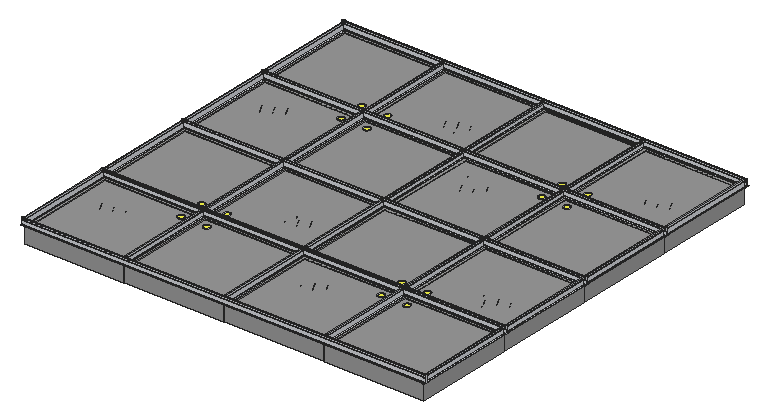
Revit family "GRD-FPG-019_FOLDED PLUG GRID_RFA", category Modelos genéricos, Revit 2022 (continued)
Definition of nested family "GRD-TLE-021_TILE 001_RFA"
  Forms (in)
    Extrusion 241, solid, not visible
      sketch origin (0.02767, 154.90856, 0) x (1, 0, 0) y (0, 0, 1)
        loop
          arc (0.39803, 1.68677) -> (0.41512, 1.67969) -> (0.42221, 1.66259) r 0.02418
        loop
          arc (0.33294, 1.7291) -> (0.34005, 1.71194) -> (0.35722, 1.70483) r 0.02428
          line (0.35722, 1.70483) -> (0.39815, 1.70483)
          arc (0.39815, 1.70483) -> (0.42797, 1.69248) -> (0.44023, 1.66266) r 0.04217
          arc (0.44023, 1.66266) -> (0.45258, 1.69248) -> (0.4824, 1.70483) r 0.04217
          line (0.4824, 1.70483) -> (0.52333, 1.70483)
          arc (0.52333, 1.70483) -> (0.54049, 1.71194) -> (0.54761, 1.7291) r 0.02428
          line (0.54761, 1.7291) -> (0.54761, 2.15016) -> (0.45704, 2.24072)
          arc (0.45704, 2.24072) -> (0.44027, 2.24767) -> (0.42351, 2.24072) r 0.02371
          line (0.42351, 2.24072) -> (0.33294, 2.15016) -> (0.33294, 1.7291)
      from 58.93614 to 81.99864
    Extrusion 242, solid, not visible
      sketch origin (48.02754, 130.90855, 0) x (1, 0, 0) y (0, 0, 1)
        loop
          line (0.42221, 1.66259) -> (0.42231, 0.67354)
          arc (0.42231, 0.67354) -> (0.41009, 0.64403) -> (0.38057, 0.6318) r 0.04174
          line (0.38057, 0.6318) -> (-0.00639, 0.6318) -> (-0.00639, 0.59057) -> (0.8874, 0.59057) -> (0.8874, 0.6318) -> (0.49998, 0.6318)
          arc (0.49998, 0.6318) -> (0.47046, 0.64403) -> (0.45824, 0.67354) r 0.04174
          line (0.45824, 0.67354) -> (0.45834, 1.66259)
          arc (0.45834, 1.66259) -> (0.46543, 1.67969) -> (0.48252, 1.68677) r 0.02418
          line (0.48252, 1.68677) -> (0.52252, 1.68677)
          arc (0.52252, 1.68677) -> (0.55303, 1.69941) -> (0.56566, 1.72991) r 0.04314
          line (0.56566, 1.72991) -> (0.56566, 2.14095)
          arc (0.56566, 2.14095) -> (0.5626, 2.15637) -> (0.55386, 2.16944) r 0.04029
          line (0.55386, 2.16944) -> (0.47053, 2.25277)
          arc (0.47053, 2.25277) -> (0.44027, 2.2653) -> (0.41002, 2.25277) r 0.04279
          line (0.41002, 2.25277) -> (0.32669, 2.16944)
          arc (0.32669, 2.16944) -> (0.31795, 2.15637) -> (0.31489, 2.14095) r 0.04029
          line (0.31489, 2.14095) -> (0.31489, 1.72991)
          arc (0.31489, 1.72991) -> (0.32752, 1.69941) -> (0.35803, 1.68677) r 0.04314
          line (0.35803, 1.68677) -> (0.39803, 1.68677)
          arc (0.39803, 1.68677) -> (0.41512, 1.67969) -> (0.42221, 1.66259) r 0.02418
        loop
          arc (0.33294, 1.7291) -> (0.34005, 1.71194) -> (0.35722, 1.70483) r 0.02428
          line (0.35722, 1.70483) -> (0.39815, 1.70483)
          arc (0.39815, 1.70483) -> (0.42797, 1.69248) -> (0.44023, 1.66266) r 0.04217
          arc (0.44023, 1.66266) -> (0.45258, 1.69248) -> (0.4824, 1.70483) r 0.04217
          line (0.4824, 1.70483) -> (0.52333, 1.70483)
          arc (0.52333, 1.70483) -> (0.54049, 1.71194) -> (0.54761, 1.7291) r 0.02428
          line (0.54761, 1.7291) -> (0.54761, 2.15016) -> (0.45704, 2.24072)
          arc (0.45704, 2.24072) -> (0.44027, 2.24767) -> (0.42351, 2.24072) r 0.02371
          line (0.42351, 2.24072) -> (0.33294, 2.15016) -> (0.33294, 1.7291)
      from 58.93614 to 81.99864
    Extrusion 243, solid, not visible
      sketch origin (72.02767, 130.90855, 0) x (1, 0, 0) y (0, 0, 1)
        loop
          line (0.42221, 1.66259) -> (0.42231, 0.67354)
          arc (0.42231, 0.67354) -> (0.41009, 0.64403) -> (0.38057, 0.6318) r 0.04174
          line (0.38057, 0.6318) -> (-0.00639, 0.6318) -> (-0.00639, 0.59057) -> (0.8874, 0.59057) -> (0.8874, 0.6318) -> (0.49998, 0.6318)
          arc (0.49998, 0.6318) -> (0.47046, 0.64403) -> (0.45824, 0.67354) r 0.04174
          line (0.45824, 0.67354) -> (0.45834, 1.66259)
          arc (0.45834, 1.66259) -> (0.46543, 1.67969) -> (0.48252, 1.68677) r 0.02418
          line (0.48252, 1.68677) -> (0.52252, 1.68677)
          arc (0.52252, 1.68677) -> (0.55303, 1.69941) -> (0.56566, 1.72991) r 0.04314
          line (0.56566, 1.72991) -> (0.56566, 2.14095)
          arc (0.56566, 2.14095) -> (0.5626, 2.15637) -> (0.55386, 2.16944) r 0.04029
          line (0.55386, 2.16944) -> (0.47053, 2.25277)
          arc (0.47053, 2.25277) -> (0.44027, 2.2653) -> (0.41002, 2.25277) r 0.04279
          line (0.41002, 2.25277) -> (0.32669, 2.16944)
          arc (0.32669, 2.16944) -> (0.31795, 2.15637) -> (0.31489, 2.14095) r 0.04029
          line (0.31489, 2.14095) -> (0.31489, 1.72991)
          arc (0.31489, 1.72991) -> (0.32752, 1.69941) -> (0.35803, 1.68677) r 0.04314
          line (0.35803, 1.68677) -> (0.39803, 1.68677)
          arc (0.39803, 1.68677) -> (0.41512, 1.67969) -> (0.42221, 1.66259) r 0.02418
        loop
          arc (0.33294, 1.7291) -> (0.34005, 1.71194) -> (0.35722, 1.70483) r 0.02428
          line (0.35722, 1.70483) -> (0.39815, 1.70483)
          arc (0.39815, 1.70483) -> (0.42797, 1.69248) -> (0.44023, 1.66266) r 0.04217
          arc (0.44023, 1.66266) -> (0.45258, 1.69248) -> (0.4824, 1.70483) r 0.04217
          line (0.4824, 1.70483) -> (0.52333, 1.70483)
          arc (0.52333, 1.70483) -> (0.54049, 1.71194) -> (0.54761, 1.7291) r 0.02428
          line (0.54761, 1.7291) -> (0.54761, 2.15016) -> (0.45704, 2.24072)
          arc (0.45704, 2.24072) -> (0.44027, 2.24767) -> (0.42351, 2.24072) r 0.02371
          line (0.42351, 2.24072) -> (0.33294, 2.15016) -> (0.33294, 1.7291)
      from 58.93614 to 81.99864
    Extrusion 244, solid, not visible
      sketch origin (96.02767, 130.90855, 0) x (1, 0, 0) y (0, 0, 1)
        loop
          line (0.42221, 1.66259) -> (0.42231, 0.67354)
          arc (0.42231, 0.67354) -> (0.41009, 0.64403) -> (0.38057, 0.6318) r 0.04174
          line (0.38057, 0.6318) -> (-0.00639, 0.6318) -> (-0.00639, 0.59057) -> (0.8874, 0.59057) -> (0.8874, 0.6318) -> (0.49998, 0.6318)
          arc (0.49998, 0.6318) -> (0.47046, 0.64403) -> (0.45824, 0.67354) r 0.04174
          line (0.45824, 0.67354) -> (0.45834, 1.66259)
          arc (0.45834, 1.66259) -> (0.46543, 1.67969) -> (0.48252, 1.68677) r 0.02418
          line (0.48252, 1.68677) -> (0.52252, 1.68677)
          arc (0.52252, 1.68677) -> (0.55303, 1.69941) -> (0.56566, 1.72991) r 0.04314
          line (0.56566, 1.72991) -> (0.56566, 2.14095)
          arc (0.56566, 2.14095) -> (0.5626, 2.15637) -> (0.55386, 2.16944) r 0.04029
          line (0.55386, 2.16944) -> (0.47053, 2.25277)
          arc (0.47053, 2.25277) -> (0.44027, 2.2653) -> (0.41002, 2.25277) r 0.04279
          line (0.41002, 2.25277) -> (0.32669, 2.16944)
          arc (0.32669, 2.16944) -> (0.31795, 2.15637) -> (0.31489, 2.14095) r 0.04029
          line (0.31489, 2.14095) -> (0.31489, 1.72991)
          arc (0.31489, 1.72991) -> (0.32752, 1.69941) -> (0.35803, 1.68677) r 0.04314
          line (0.35803, 1.68677) -> (0.39803, 1.68677)
          arc (0.39803, 1.68677) -> (0.41512, 1.67969) -> (0.42221, 1.66259) r 0.02418
        loop
          arc (0.33294, 1.7291) -> (0.34005, 1.71194) -> (0.35722, 1.70483) r 0.02428
          line (0.35722, 1.70483) -> (0.39815, 1.70483)
          arc (0.39815, 1.70483) -> (0.42797, 1.69248) -> (0.44023, 1.66266) r 0.04217
          arc (0.44023, 1.66266) -> (0.45258, 1.69248) -> (0.4824, 1.70483) r 0.04217
          line (0.4824, 1.70483) -> (0.52333, 1.70483)
          arc (0.52333, 1.70483) -> (0.54049, 1.71194) -> (0.54761, 1.7291) r 0.02428
          line (0.54761, 1.7291) -> (0.54761, 2.15016) -> (0.45704, 2.24072)
          arc (0.45704, 2.24072) -> (0.44027, 2.24767) -> (0.42351, 2.24072) r 0.02371
          line (0.42351, 2.24072) -> (0.33294, 2.15016) -> (0.33294, 1.7291)
      from 58.93614 to 81.99864
    Extrusion 245, solid, not visible
      sketch origin (24.02767, 130.90855, 0) x (1, 0, 0) y (0, 0, 1)
        loop
          line (0.42221, 1.66259) -> (0.42231, 0.67354)
          arc (0.42231, 0.67354) -> (0.41009, 0.64403) -> (0.38057, 0.6318) r 0.04174
          line (0.38057, 0.6318) -> (-0.00639, 0.6318) -> (-0.00639, 0.59057) -> (0.8874, 0.59057) -> (0.8874, 0.6318) -> (0.49998, 0.6318)
          arc (0.49998, 0.6318) -> (0.47046, 0.64403) -> (0.45824, 0.67354) r 0.04174
          line (0.45824, 0.67354) -> (0.45834, 1.66259)
          arc (0.45834, 1.66259) -> (0.46543, 1.67969) -> (0.48252, 1.68677) r 0.02418
          line (0.48252, 1.68677) -> (0.52252, 1.68677)
          arc (0.52252, 1.68677) -> (0.55303, 1.69941) -> (0.56566, 1.72991) r 0.04314
          line (0.56566, 1.72991) -> (0.56566, 2.14095)
          arc (0.56566, 2.14095) -> (0.5626, 2.15637) -> (0.55386, 2.16944) r 0.04029
          line (0.55386, 2.16944) -> (0.47053, 2.25277)
          arc (0.47053, 2.25277) -> (0.44027, 2.2653) -> (0.41002, 2.25277) r 0.04279
          line (0.41002, 2.25277) -> (0.32669, 2.16944)
          arc (0.32669, 2.16944) -> (0.31795, 2.15637) -> (0.31489, 2.14095) r 0.04029
          line (0.31489, 2.14095) -> (0.31489, 1.72991)
          arc (0.31489, 1.72991) -> (0.32752, 1.69941) -> (0.35803, 1.68677) r 0.04314
          line (0.35803, 1.68677) -> (0.39803, 1.68677)
          arc (0.39803, 1.68677) -> (0.41512, 1.67969) -> (0.42221, 1.66259) r 0.02418
        loop
          arc (0.33294, 1.7291) -> (0.34005, 1.71194) -> (0.35722, 1.70483) r 0.02428
          line (0.35722, 1.70483) -> (0.39815, 1.70483)
          arc (0.39815, 1.70483) -> (0.42797, 1.69248) -> (0.44023, 1.66266) r 0.04217
          arc (0.44023, 1.66266) -> (0.45258, 1.69248) -> (0.4824, 1.70483) r 0.04217
          line (0.4824, 1.70483) -> (0.52333, 1.70483)
          arc (0.52333, 1.70483) -> (0.54049, 1.71194) -> (0.54761, 1.7291) r 0.02428
          line (0.54761, 1.7291) -> (0.54761, 2.15016) -> (0.45704, 2.24072)
          arc (0.45704, 2.24072) -> (0.44027, 2.24767) -> (0.42351, 2.24072) r 0.02371
          line (0.42351, 2.24072) -> (0.33294, 2.15016) -> (0.33294, 1.7291)
      from 58.93614 to 81.99864
    Extrusion 246, solid, not visible
      sketch origin (0.02767, 130.90855, 0) x (1, 0, 0) y (0, 0, 1)
        loop
          line (0.42221, 1.66259) -> (0.42231, 0.67354)
          arc (0.42231, 0.67354) -> (0.41009, 0.64403) -> (0.38057, 0.6318) r 0.04174
          line (0.38057, 0.6318) -> (-0.00639, 0.6318) -> (-0.00639, 0.59057) -> (0.8874, 0.59057) -> (0.8874, 0.6318) -> (0.49998, 0.6318)
          arc (0.49998, 0.6318) -> (0.47046, 0.64403) -> (0.45824, 0.67354) r 0.04174
          line (0.45824, 0.67354) -> (0.45834, 1.66259)
          arc (0.45834, 1.66259) -> (0.46543, 1.67969) -> (0.48252, 1.68677) r 0.02418
          line (0.48252, 1.68677) -> (0.52252, 1.68677)
          arc (0.52252, 1.68677) -> (0.55303, 1.69941) -> (0.56566, 1.72991) r 0.04314
          line (0.56566, 1.72991) -> (0.56566, 2.14095)
          arc (0.56566, 2.14095) -> (0.5626, 2.15637) -> (0.55386, 2.16944) r 0.04029
          line (0.55386, 2.16944) -> (0.47053, 2.25277)
          arc (0.47053, 2.25277) -> (0.44027, 2.2653) -> (0.41002, 2.25277) r 0.04279
          line (0.41002, 2.25277) -> (0.32669, 2.16944)
          arc (0.32669, 2.16944) -> (0.31795, 2.15637) -> (0.31489, 2.14095) r 0.04029
          line (0.31489, 2.14095) -> (0.31489, 1.72991)
          arc (0.31489, 1.72991) -> (0.32752, 1.69941) -> (0.35803, 1.68677) r 0.04314
          line (0.35803, 1.68677) -> (0.39803, 1.68677)
          arc (0.39803, 1.68677) -> (0.41512, 1.67969) -> (0.42221, 1.66259) r 0.02418
        loop
          arc (0.33294, 1.7291) -> (0.34005, 1.71194) -> (0.35722, 1.70483) r 0.02428
          line (0.35722, 1.70483) -> (0.39815, 1.70483)
          arc (0.39815, 1.70483) -> (0.42797, 1.69248) -> (0.44023, 1.66266) r 0.04217
          arc (0.44023, 1.66266) -> (0.45258, 1.69248) -> (0.4824, 1.70483) r 0.04217
          line (0.4824, 1.70483) -> (0.52333, 1.70483)
          arc (0.52333, 1.70483) -> (0.54049, 1.71194) -> (0.54761, 1.7291) r 0.02428
          line (0.54761, 1.7291) -> (0.54761, 2.15016) -> (0.45704, 2.24072)
          arc (0.45704, 2.24072) -> (0.44027, 2.24767) -> (0.42351, 2.24072) r 0.02371
          line (0.42351, 2.24072) -> (0.33294, 2.15016) -> (0.33294, 1.7291)
      from 58.93614 to 81.99864
    Extrusion 247, solid, not visible
      sketch origin (48.02754, 106.90856, 0) x (1, 0, 0) y (0, 0, 1)
        loop
          line (0.42221, 1.66259) -> (0.42231, 0.67354)
          arc (0.42231, 0.67354) -> (0.41009, 0.64403) -> (0.38057, 0.6318) r 0.04174
          line (0.38057, 0.6318) -> (-0.00639, 0.6318) -> (-0.00639, 0.59057) -> (0.8874, 0.59057) -> (0.8874, 0.6318) -> (0.49998, 0.6318)
          arc (0.49998, 0.6318) -> (0.47046, 0.64403) -> (0.45824, 0.67354) r 0.04174
          line (0.45824, 0.67354) -> (0.45834, 1.66259)
          arc (0.45834, 1.66259) -> (0.46543, 1.67969) -> (0.48252, 1.68677) r 0.02418
          line (0.48252, 1.68677) -> (0.52252, 1.68677)
          arc (0.52252, 1.68677) -> (0.55303, 1.69941) -> (0.56566, 1.72991) r 0.04314
          line (0.56566, 1.72991) -> (0.56566, 2.14095)
          arc (0.56566, 2.14095) -> (0.5626, 2.15637) -> (0.55386, 2.16944) r 0.04029
          line (0.55386, 2.16944) -> (0.47053, 2.25277)
          arc (0.47053, 2.25277) -> (0.44027, 2.2653) -> (0.41002, 2.25277) r 0.04279
          line (0.41002, 2.25277) -> (0.32669, 2.16944)
          arc (0.32669, 2.16944) -> (0.31795, 2.15637) -> (0.31489, 2.14095) r 0.04029
          line (0.31489, 2.14095) -> (0.31489, 1.72991)
          arc (0.31489, 1.72991) -> (0.32752, 1.69941) -> (0.35803, 1.68677) r 0.04314
          line (0.35803, 1.68677) -> (0.39803, 1.68677)
          arc (0.39803, 1.68677) -> (0.41512, 1.67969) -> (0.42221, 1.66259) r 0.02418
        loop
          arc (0.33294, 1.7291) -> (0.34005, 1.71194) -> (0.35722, 1.70483) r 0.02428
          line (0.35722, 1.70483) -> (0.39815, 1.70483)
          arc (0.39815, 1.70483) -> (0.42797, 1.69248) -> (0.44023, 1.66266) r 0.04217
          arc (0.44023, 1.66266) -> (0.45258, 1.69248) -> (0.4824, 1.70483) r 0.04217
          line (0.4824, 1.70483) -> (0.52333, 1.70483)
          arc (0.52333, 1.70483) -> (0.54049, 1.71194) -> (0.54761, 1.7291) r 0.02428
          line (0.54761, 1.7291) -> (0.54761, 2.15016) -> (0.45704, 2.24072)
          arc (0.45704, 2.24072) -> (0.44027, 2.24767) -> (0.42351, 2.24072) r 0.02371
          line (0.42351, 2.24072) -> (0.33294, 2.15016) -> (0.33294, 1.7291)
      from 58.93614 to 81.99864
    Extrusion 248, solid, not visible
      sketch origin (72.02767, 106.90856, 0) x (1, 0, 0) y (0, 0, 1)
        loop
          line (0.42221, 1.66259) -> (0.42231, 0.67354)
          arc (0.42231, 0.67354) -> (0.41009, 0.64403) -> (0.38057, 0.6318) r 0.04174
          line (0.38057, 0.6318) -> (-0.00639, 0.6318) -> (-0.00639, 0.59057) -> (0.8874, 0.59057) -> (0.8874, 0.6318) -> (0.49998, 0.6318)
          arc (0.49998, 0.6318) -> (0.47046, 0.64403) -> (0.45824, 0.67354) r 0.04174
          line (0.45824, 0.67354) -> (0.45834, 1.66259)
          arc (0.45834, 1.66259) -> (0.46543, 1.67969) -> (0.48252, 1.68677) r 0.02418
          line (0.48252, 1.68677) -> (0.52252, 1.68677)
          arc (0.52252, 1.68677) -> (0.55303, 1.69941) -> (0.56566, 1.72991) r 0.04314
          line (0.56566, 1.72991) -> (0.56566, 2.14095)
          arc (0.56566, 2.14095) -> (0.5626, 2.15637) -> (0.55386, 2.16944) r 0.04029
          line (0.55386, 2.16944) -> (0.47053, 2.25277)
          arc (0.47053, 2.25277) -> (0.44027, 2.2653) -> (0.41002, 2.25277) r 0.04279
          line (0.41002, 2.25277) -> (0.32669, 2.16944)
          arc (0.32669, 2.16944) -> (0.31795, 2.15637) -> (0.31489, 2.14095) r 0.04029
          line (0.31489, 2.14095) -> (0.31489, 1.72991)
          arc (0.31489, 1.72991) -> (0.32752, 1.69941) -> (0.35803, 1.68677) r 0.04314
          line (0.35803, 1.68677) -> (0.39803, 1.68677)
          arc (0.39803, 1.68677) -> (0.41512, 1.67969) -> (0.42221, 1.66259) r 0.02418
        loop
          arc (0.33294, 1.7291) -> (0.34005, 1.71194) -> (0.35722, 1.70483) r 0.02428
          line (0.35722, 1.70483) -> (0.39815, 1.70483)
          arc (0.39815, 1.70483) -> (0.42797, 1.69248) -> (0.44023, 1.66266) r 0.04217
          arc (0.44023, 1.66266) -> (0.45258, 1.69248) -> (0.4824, 1.70483) r 0.04217
          line (0.4824, 1.70483) -> (0.52333, 1.70483)
          arc (0.52333, 1.70483) -> (0.54049, 1.71194) -> (0.54761, 1.7291) r 0.02428
          line (0.54761, 1.7291) -> (0.54761, 2.15016) -> (0.45704, 2.24072)
          arc (0.45704, 2.24072) -> (0.44027, 2.24767) -> (0.42351, 2.24072) r 0.02371
          line (0.42351, 2.24072) -> (0.33294, 2.15016) -> (0.33294, 1.7291)
      from 58.93614 to 81.99864
    Extrusion 249, solid, not visible
      sketch origin (96.02767, 106.90856, 0) x (1, 0, 0) y (0, 0, 1)
        loop
          line (0.42221, 1.66259) -> (0.42231, 0.67354)
          arc (0.42231, 0.67354) -> (0.41009, 0.64403) -> (0.38057, 0.6318) r 0.04174
          line (0.38057, 0.6318) -> (-0.00639, 0.6318) -> (-0.00639, 0.59057) -> (0.8874, 0.59057) -> (0.8874, 0.6318) -> (0.49998, 0.6318)
          arc (0.49998, 0.6318) -> (0.47046, 0.64403) -> (0.45824, 0.67354) r 0.04174
          line (0.45824, 0.67354) -> (0.45834, 1.66259)
          arc (0.45834, 1.66259) -> (0.46543, 1.67969) -> (0.48252, 1.68677) r 0.02418
          line (0.48252, 1.68677) -> (0.52252, 1.68677)
          arc (0.52252, 1.68677) -> (0.55303, 1.69941) -> (0.56566, 1.72991) r 0.04314
          line (0.56566, 1.72991) -> (0.56566, 2.14095)
          arc (0.56566, 2.14095) -> (0.5626, 2.15637) -> (0.55386, 2.16944) r 0.04029
          line (0.55386, 2.16944) -> (0.47053, 2.25277)
          arc (0.47053, 2.25277) -> (0.44027, 2.2653) -> (0.41002, 2.25277) r 0.04279
          line (0.41002, 2.25277) -> (0.32669, 2.16944)
          arc (0.32669, 2.16944) -> (0.31795, 2.15637) -> (0.31489, 2.14095) r 0.04029
          line (0.31489, 2.14095) -> (0.31489, 1.72991)
          arc (0.31489, 1.72991) -> (0.32752, 1.69941) -> (0.35803, 1.68677) r 0.04314
          line (0.35803, 1.68677) -> (0.39803, 1.68677)
          arc (0.39803, 1.68677) -> (0.41512, 1.67969) -> (0.42221, 1.66259) r 0.02418
        loop
          arc (0.33294, 1.7291) -> (0.34005, 1.71194) -> (0.35722, 1.70483) r 0.02428
          line (0.35722, 1.70483) -> (0.39815, 1.70483)
          arc (0.39815, 1.70483) -> (0.42797, 1.69248) -> (0.44023, 1.66266) r 0.04217
          arc (0.44023, 1.66266) -> (0.45258, 1.69248) -> (0.4824, 1.70483) r 0.04217
          line (0.4824, 1.70483) -> (0.52333, 1.70483)
          arc (0.52333, 1.70483) -> (0.54049, 1.71194) -> (0.54761, 1.7291) r 0.02428
          line (0.54761, 1.7291) -> (0.54761, 2.15016) -> (0.45704, 2.24072)
          arc (0.45704, 2.24072) -> (0.44027, 2.24767) -> (0.42351, 2.24072) r 0.02371
          line (0.42351, 2.24072) -> (0.33294, 2.15016) -> (0.33294, 1.7291)
      from 58.93614 to 81.99864
    Extrusion 250, solid, not visible
      sketch origin (24.02767, 106.90856, 0) x (1, 0, 0) y (0, 0, 1)
        loop
          line (0.42221, 1.66259) -> (0.42231, 0.67354)
          arc (0.42231, 0.67354) -> (0.41009, 0.64403) -> (0.38057, 0.6318) r 0.04174
          line (0.38057, 0.6318) -> (-0.00639, 0.6318) -> (-0.00639, 0.59057) -> (0.8874, 0.59057) -> (0.8874, 0.6318) -> (0.49998, 0.6318)
          arc (0.49998, 0.6318) -> (0.47046, 0.64403) -> (0.45824, 0.67354) r 0.04174
          line (0.45824, 0.67354) -> (0.45834, 1.66259)
          arc (0.45834, 1.66259) -> (0.46543, 1.67969) -> (0.48252, 1.68677) r 0.02418
          line (0.48252, 1.68677) -> (0.52252, 1.68677)
          arc (0.52252, 1.68677) -> (0.55303, 1.69941) -> (0.56566, 1.72991) r 0.04314
          line (0.56566, 1.72991) -> (0.56566, 2.14095)
          arc (0.56566, 2.14095) -> (0.5626, 2.15637) -> (0.55386, 2.16944) r 0.04029
          line (0.55386, 2.16944) -> (0.47053, 2.25277)
          arc (0.47053, 2.25277) -> (0.44027, 2.2653) -> (0.41002, 2.25277) r 0.04279
          line (0.41002, 2.25277) -> (0.32669, 2.16944)
          arc (0.32669, 2.16944) -> (0.31795, 2.15637) -> (0.31489, 2.14095) r 0.04029
          line (0.31489, 2.14095) -> (0.31489, 1.72991)
          arc (0.31489, 1.72991) -> (0.32752, 1.69941) -> (0.35803, 1.68677) r 0.04314
          line (0.35803, 1.68677) -> (0.39803, 1.68677)
          arc (0.39803, 1.68677) -> (0.41512, 1.67969) -> (0.42221, 1.66259) r 0.02418
        loop
          arc (0.33294, 1.7291) -> (0.34005, 1.71194) -> (0.35722, 1.70483) r 0.02428
          line (0.35722, 1.70483) -> (0.39815, 1.70483)
          arc (0.39815, 1.70483) -> (0.42797, 1.69248) -> (0.44023, 1.66266) r 0.04217
          arc (0.44023, 1.66266) -> (0.45258, 1.69248) -> (0.4824, 1.70483) r 0.04217
          line (0.4824, 1.70483) -> (0.52333, 1.70483)
          arc (0.52333, 1.70483) -> (0.54049, 1.71194) -> (0.54761, 1.7291) r 0.02428
          line (0.54761, 1.7291) -> (0.54761, 2.15016) -> (0.45704, 2.24072)
          arc (0.45704, 2.24072) -> (0.44027, 2.24767) -> (0.42351, 2.24072) r 0.02371
          line (0.42351, 2.24072) -> (0.33294, 2.15016) -> (0.33294, 1.7291)
      from 58.93614 to 81.99864
    Extrusion 251, solid, not visible
      sketch origin (0.02767, 106.90856, 0) x (1, 0, 0) y (0, 0, 1)
        loop
          line (0.42221, 1.66259) -> (0.42231, 0.67354)
          arc (0.42231, 0.67354) -> (0.41009, 0.64403) -> (0.38057, 0.6318) r 0.04174
          line (0.38057, 0.6318) -> (-0.00639, 0.6318) -> (-0.00639, 0.59057) -> (0.8874, 0.59057) -> (0.8874, 0.6318) -> (0.49998, 0.6318)
          arc (0.49998, 0.6318) -> (0.47046, 0.64403) -> (0.45824, 0.67354) r 0.04174
          line (0.45824, 0.67354) -> (0.45834, 1.66259)
          arc (0.45834, 1.66259) -> (0.46543, 1.67969) -> (0.48252, 1.68677) r 0.02418
          line (0.48252, 1.68677) -> (0.52252, 1.68677)
          arc (0.52252, 1.68677) -> (0.55303, 1.69941) -> (0.56566, 1.72991) r 0.04314
          line (0.56566, 1.72991) -> (0.56566, 2.14095)
          arc (0.56566, 2.14095) -> (0.5626, 2.15637) -> (0.55386, 2.16944) r 0.04029
          line (0.55386, 2.16944) -> (0.47053, 2.25277)
          arc (0.47053, 2.25277) -> (0.44027, 2.2653) -> (0.41002, 2.25277) r 0.04279
          line (0.41002, 2.25277) -> (0.32669, 2.16944)
          arc (0.32669, 2.16944) -> (0.31795, 2.15637) -> (0.31489, 2.14095) r 0.04029
          line (0.31489, 2.14095) -> (0.31489, 1.72991)
          arc (0.31489, 1.72991) -> (0.32752, 1.69941) -> (0.35803, 1.68677) r 0.04314
          line (0.35803, 1.68677) -> (0.39803, 1.68677)
          arc (0.39803, 1.68677) -> (0.41512, 1.67969) -> (0.42221, 1.66259) r 0.02418
        loop
          arc (0.33294, 1.7291) -> (0.34005, 1.71194) -> (0.35722, 1.70483) r 0.02428
          line (0.35722, 1.70483) -> (0.39815, 1.70483)
          arc (0.39815, 1.70483) -> (0.42797, 1.69248) -> (0.44023, 1.66266) r 0.04217
          arc (0.44023, 1.66266) -> (0.45258, 1.69248) -> (0.4824, 1.70483) r 0.04217
          line (0.4824, 1.70483) -> (0.52333, 1.70483)
          arc (0.52333, 1.70483) -> (0.54049, 1.71194) -> (0.54761, 1.7291) r 0.02428
          line (0.54761, 1.7291) -> (0.54761, 2.15016) -> (0.45704, 2.24072)
          arc (0.45704, 2.24072) -> (0.44027, 2.24767) -> (0.42351, 2.24072) r 0.02371
          line (0.42351, 2.24072) -> (0.33294, 2.15016) -> (0.33294, 1.7291)
      from 58.93614 to 81.99864
    Extrusion 252, solid, not visible
      sketch origin (48.02754, 82.90856, 0) x (1, 0, 0) y (0, 0, 1)
        loop
          line (0.42221, 1.66259) -> (0.42231, 0.67354)
          arc (0.42231, 0.67354) -> (0.41009, 0.64403) -> (0.38057, 0.6318) r 0.04174
          line (0.38057, 0.6318) -> (-0.00639, 0.6318) -> (-0.00639, 0.59057) -> (0.8874, 0.59057) -> (0.8874, 0.6318) -> (0.49998, 0.6318)
          arc (0.49998, 0.6318) -> (0.47046, 0.64403) -> (0.45824, 0.67354) r 0.04174
          line (0.45824, 0.67354) -> (0.45834, 1.66259)
          arc (0.45834, 1.66259) -> (0.46543, 1.67969) -> (0.48252, 1.68677) r 0.02418
          line (0.48252, 1.68677) -> (0.52252, 1.68677)
          arc (0.52252, 1.68677) -> (0.55303, 1.69941) -> (0.56566, 1.72991) r 0.04314
          line (0.56566, 1.72991) -> (0.56566, 2.14095)
          arc (0.56566, 2.14095) -> (0.5626, 2.15637) -> (0.55386, 2.16944) r 0.04029
          line (0.55386, 2.16944) -> (0.47053, 2.25277)
          arc (0.47053, 2.25277) -> (0.44027, 2.2653) -> (0.41002, 2.25277) r 0.04279
          line (0.41002, 2.25277) -> (0.32669, 2.16944)
          arc (0.32669, 2.16944) -> (0.31795, 2.15637) -> (0.31489, 2.14095) r 0.04029
          line (0.31489, 2.14095) -> (0.31489, 1.72991)
          arc (0.31489, 1.72991) -> (0.32752, 1.69941) -> (0.35803, 1.68677) r 0.04314
          line (0.35803, 1.68677) -> (0.39803, 1.68677)
          arc (0.39803, 1.68677) -> (0.41512, 1.67969) -> (0.42221, 1.66259) r 0.02418
        loop
          arc (0.33294, 1.7291) -> (0.34005, 1.71194) -> (0.35722, 1.70483) r 0.02428
          line (0.35722, 1.70483) -> (0.39815, 1.70483)
          arc (0.39815, 1.70483) -> (0.42797, 1.69248) -> (0.44023, 1.66266) r 0.04217
          arc (0.44023, 1.66266) -> (0.45258, 1.69248) -> (0.4824, 1.70483) r 0.04217
          line (0.4824, 1.70483) -> (0.52333, 1.70483)
          arc (0.52333, 1.70483) -> (0.54049, 1.71194) -> (0.54761, 1.7291) r 0.02428
          line (0.54761, 1.7291) -> (0.54761, 2.15016) -> (0.45704, 2.24072)
          arc (0.45704, 2.24072) -> (0.44027, 2.24767) -> (0.42351, 2.24072) r 0.02371
          line (0.42351, 2.24072) -> (0.33294, 2.15016) -> (0.33294, 1.7291)
      from 58.93614 to 81.99864
    Extrusion 253, solid, not visible
      sketch origin (72.02767, 82.90856, 0) x (1, 0, 0) y (0, 0, 1)
        loop
          line (0.42221, 1.66259) -> (0.42231, 0.67354)
          arc (0.42231, 0.67354) -> (0.41009, 0.64403) -> (0.38057, 0.6318) r 0.04174
          line (0.38057, 0.6318) -> (-0.00639, 0.6318) -> (-0.00639, 0.59057) -> (0.8874, 0.59057) -> (0.8874, 0.6318) -> (0.49998, 0.6318)
          arc (0.49998, 0.6318) -> (0.47046, 0.64403) -> (0.45824, 0.67354) r 0.04174
          line (0.45824, 0.67354) -> (0.45834, 1.66259)
          arc (0.45834, 1.66259) -> (0.46543, 1.67969) -> (0.48252, 1.68677) r 0.02418
          line (0.48252, 1.68677) -> (0.52252, 1.68677)
          arc (0.52252, 1.68677) -> (0.55303, 1.69941) -> (0.56566, 1.72991) r 0.04314
          line (0.56566, 1.72991) -> (0.56566, 2.14095)
          arc (0.56566, 2.14095) -> (0.5626, 2.15637) -> (0.55386, 2.16944) r 0.04029
          line (0.55386, 2.16944) -> (0.47053, 2.25277)
          arc (0.47053, 2.25277) -> (0.44027, 2.2653) -> (0.41002, 2.25277) r 0.04279
          line (0.41002, 2.25277) -> (0.32669, 2.16944)
          arc (0.32669, 2.16944) -> (0.31795, 2.15637) -> (0.31489, 2.14095) r 0.04029
          line (0.31489, 2.14095) -> (0.31489, 1.72991)
          arc (0.31489, 1.72991) -> (0.32752, 1.69941) -> (0.35803, 1.68677) r 0.04314
          line (0.35803, 1.68677) -> (0.39803, 1.68677)
          arc (0.39803, 1.68677) -> (0.41512, 1.67969) -> (0.42221, 1.66259) r 0.02418
        loop
          arc (0.33294, 1.7291) -> (0.34005, 1.71194) -> (0.35722, 1.70483) r 0.02428
          line (0.35722, 1.70483) -> (0.39815, 1.70483)
          arc (0.39815, 1.70483) -> (0.42797, 1.69248) -> (0.44023, 1.66266) r 0.04217
          arc (0.44023, 1.66266) -> (0.45258, 1.69248) -> (0.4824, 1.70483) r 0.04217
          line (0.4824, 1.70483) -> (0.52333, 1.70483)
          arc (0.52333, 1.70483) -> (0.54049, 1.71194) -> (0.54761, 1.7291) r 0.02428
          line (0.54761, 1.7291) -> (0.54761, 2.15016) -> (0.45704, 2.24072)
          arc (0.45704, 2.24072) -> (0.44027, 2.24767) -> (0.42351, 2.24072) r 0.02371
          line (0.42351, 2.24072) -> (0.33294, 2.15016) -> (0.33294, 1.7291)
      from 58.93614 to 81.99864
    Extrusion 254, solid, not visible
      sketch origin (96.02767, 82.90856, 0) x (1, 0, 0) y (0, 0, 1)
        loop
          line (0.42221, 1.66259) -> (0.42231, 0.67354)
          arc (0.42231, 0.67354) -> (0.41009, 0.64403) -> (0.38057, 0.6318) r 0.04174
          line (0.38057, 0.6318) -> (-0.00639, 0.6318) -> (-0.00639, 0.59057) -> (0.8874, 0.59057) -> (0.8874, 0.6318) -> (0.49998, 0.6318)
          arc (0.49998, 0.6318) -> (0.47046, 0.64403) -> (0.45824, 0.67354) r 0.04174
          line (0.45824, 0.67354) -> (0.45834, 1.66259)
          arc (0.45834, 1.66259) -> (0.46543, 1.67969) -> (0.48252, 1.68677) r 0.02418
          line (0.48252, 1.68677) -> (0.52252, 1.68677)
          arc (0.52252, 1.68677) -> (0.55303, 1.69941) -> (0.56566, 1.72991) r 0.04314
          line (0.56566, 1.72991) -> (0.56566, 2.14095)
          arc (0.56566, 2.14095) -> (0.5626, 2.15637) -> (0.55386, 2.16944) r 0.04029
          line (0.55386, 2.16944) -> (0.47053, 2.25277)
          arc (0.47053, 2.25277) -> (0.44027, 2.2653) -> (0.41002, 2.25277) r 0.04279
          line (0.41002, 2.25277) -> (0.32669, 2.16944)
          arc (0.32669, 2.16944) -> (0.31795, 2.15637) -> (0.31489, 2.14095) r 0.04029
          line (0.31489, 2.14095) -> (0.31489, 1.72991)
          arc (0.31489, 1.72991) -> (0.32752, 1.69941) -> (0.35803, 1.68677) r 0.04314
          line (0.35803, 1.68677) -> (0.39803, 1.68677)
          arc (0.39803, 1.68677) -> (0.41512, 1.67969) -> (0.42221, 1.66259) r 0.02418
        loop
          arc (0.33294, 1.7291) -> (0.34005, 1.71194) -> (0.35722, 1.70483) r 0.02428
          line (0.35722, 1.70483) -> (0.39815, 1.70483)
          arc (0.39815, 1.70483) -> (0.42797, 1.69248) -> (0.44023, 1.66266) r 0.04217
          arc (0.44023, 1.66266) -> (0.45258, 1.69248) -> (0.4824, 1.70483) r 0.04217
          line (0.4824, 1.70483) -> (0.52333, 1.70483)
          arc (0.52333, 1.70483) -> (0.54049, 1.71194) -> (0.54761, 1.7291) r 0.02428
          line (0.54761, 1.7291) -> (0.54761, 2.15016) -> (0.45704, 2.24072)
          arc (0.45704, 2.24072) -> (0.44027, 2.24767) -> (0.42351, 2.24072) r 0.02371
          line (0.42351, 2.24072) -> (0.33294, 2.15016) -> (0.33294, 1.7291)
      from 58.93614 to 81.99864
    Extrusion 255, solid, not visible
      sketch origin (24.02767, 82.90856, 0) x (1, 0, 0) y (0, 0, 1)
        loop
          line (0.42221, 1.66259) -> (0.42231, 0.67354)
          arc (0.42231, 0.67354) -> (0.41009, 0.64403) -> (0.38057, 0.6318) r 0.04174
          line (0.38057, 0.6318) -> (-0.00639, 0.6318) -> (-0.00639, 0.59057) -> (0.8874, 0.59057) -> (0.8874, 0.6318) -> (0.49998, 0.6318)
          arc (0.49998, 0.6318) -> (0.47046, 0.64403) -> (0.45824, 0.67354) r 0.04174
          line (0.45824, 0.67354) -> (0.45834, 1.66259)
          arc (0.45834, 1.66259) -> (0.46543, 1.67969) -> (0.48252, 1.68677) r 0.02418
          line (0.48252, 1.68677) -> (0.52252, 1.68677)
          arc (0.52252, 1.68677) -> (0.55303, 1.69941) -> (0.56566, 1.72991) r 0.04314
          line (0.56566, 1.72991) -> (0.56566, 2.14095)
          arc (0.56566, 2.14095) -> (0.5626, 2.15637) -> (0.55386, 2.16944) r 0.04029
          line (0.55386, 2.16944) -> (0.47053, 2.25277)
          arc (0.47053, 2.25277) -> (0.44027, 2.2653) -> (0.41002, 2.25277) r 0.04279
          line (0.41002, 2.25277) -> (0.32669, 2.16944)
          arc (0.32669, 2.16944) -> (0.31795, 2.15637) -> (0.31489, 2.14095) r 0.04029
          line (0.31489, 2.14095) -> (0.31489, 1.72991)
          arc (0.31489, 1.72991) -> (0.32752, 1.69941) -> (0.35803, 1.68677) r 0.04314
          line (0.35803, 1.68677) -> (0.39803, 1.68677)
          arc (0.39803, 1.68677) -> (0.41512, 1.67969) -> (0.42221, 1.66259) r 0.02418
        loop
          arc (0.33294, 1.7291) -> (0.34005, 1.71194) -> (0.35722, 1.70483) r 0.02428
          line (0.35722, 1.70483) -> (0.39815, 1.70483)
          arc (0.39815, 1.70483) -> (0.42797, 1.69248) -> (0.44023, 1.66266) r 0.04217
          arc (0.44023, 1.66266) -> (0.45258, 1.69248) -> (0.4824, 1.70483) r 0.04217
          line (0.4824, 1.70483) -> (0.52333, 1.70483)
          arc (0.52333, 1.70483) -> (0.54049, 1.71194) -> (0.54761, 1.7291) r 0.02428
          line (0.54761, 1.7291) -> (0.54761, 2.15016) -> (0.45704, 2.24072)
          arc (0.45704, 2.24072) -> (0.44027, 2.24767) -> (0.42351, 2.24072) r 0.02371
          line (0.42351, 2.24072) -> (0.33294, 2.15016) -> (0.33294, 1.7291)
      from 58.93614 to 81.99864
    Extrusion 256, solid, not visible
      sketch origin (0.02767, 82.90856, 0) x (1, 0, 0) y (0, 0, 1)
        loop
          line (0.42221, 1.66259) -> (0.42231, 0.67354)
          arc (0.42231, 0.67354) -> (0.41009, 0.64403) -> (0.38057, 0.6318) r 0.04174
          line (0.38057, 0.6318) -> (-0.00639, 0.6318) -> (-0.00639, 0.59057) -> (0.8874, 0.59057) -> (0.8874, 0.6318) -> (0.49998, 0.6318)
          arc (0.49998, 0.6318) -> (0.47046, 0.64403) -> (0.45824, 0.67354) r 0.04174
          line (0.45824, 0.67354) -> (0.45834, 1.66259)
          arc (0.45834, 1.66259) -> (0.46543, 1.67969) -> (0.48252, 1.68677) r 0.02418
          line (0.48252, 1.68677) -> (0.52252, 1.68677)
          arc (0.52252, 1.68677) -> (0.55303, 1.69941) -> (0.56566, 1.72991) r 0.04314
          line (0.56566, 1.72991) -> (0.56566, 2.14095)
          arc (0.56566, 2.14095) -> (0.5626, 2.15637) -> (0.55386, 2.16944) r 0.04029
          line (0.55386, 2.16944) -> (0.47053, 2.25277)
          arc (0.47053, 2.25277) -> (0.44027, 2.2653) -> (0.41002, 2.25277) r 0.04279
          line (0.41002, 2.25277) -> (0.32669, 2.16944)
          arc (0.32669, 2.16944) -> (0.31795, 2.15637) -> (0.31489, 2.14095) r 0.04029
          line (0.31489, 2.14095) -> (0.31489, 1.72991)
          arc (0.31489, 1.72991) -> (0.32752, 1.69941) -> (0.35803, 1.68677) r 0.04314
          line (0.35803, 1.68677) -> (0.39803, 1.68677)
          arc (0.39803, 1.68677) -> (0.41512, 1.67969) -> (0.42221, 1.66259) r 0.02418
        loop
          arc (0.33294, 1.7291) -> (0.34005, 1.71194) -> (0.35722, 1.70483) r 0.02428
          line (0.35722, 1.70483) -> (0.39815, 1.70483)
          arc (0.39815, 1.70483) -> (0.42797, 1.69248) -> (0.44023, 1.66266) r 0.04217
          arc (0.44023, 1.66266) -> (0.45258, 1.69248) -> (0.4824, 1.70483) r 0.04217
          line (0.4824, 1.70483) -> (0.52333, 1.70483)
          arc (0.52333, 1.70483) -> (0.54049, 1.71194) -> (0.54761, 1.7291) r 0.02428
          line (0.54761, 1.7291) -> (0.54761, 2.15016) -> (0.45704, 2.24072)
          arc (0.45704, 2.24072) -> (0.44027, 2.24767) -> (0.42351, 2.24072) r 0.02371
          line (0.42351, 2.24072) -> (0.33294, 2.15016) -> (0.33294, 1.7291)
      from 58.93614 to 81.99864
    Extrusion 257, solid, not visible
      sketch origin (0, 0, 0) x (1, 0, 0) y (0, 1, 0)
        loop
          line (1.55539, 23.39887) -> (1.55539, 1.53863) -> (23.40345, 1.53863) -> (23.40345, 23.39887) -> (1.55539, 23.39887)
        loop
          line (24.34376, 0.56617) -> (24.34376, 24.31617) -> (0.59376, 24.31617) -> (0.59376, 0.56617) -> (24.34376, 0.56617)
      from -3.41361 to 0.59055
    Blend 258, solid, not visible
      base sketch origin (0, 0, 0) x (1, 0, 0) y (0, 1, 0)
        loop
          line (3.11609, 21.78654) -> (3.11609, 3.11841) -> (21.78421, 3.11841) -> (21.78421, 21.78654) -> (3.11609, 21.78654)
      top sketch origin (0, 0, 0) x (1, 0, 0) y (0, 1, 0)
        loop
          line (0.46955, 24.46879) -> (0.46955, 0.46879) -> (24.46955, 0.46879) -> (24.46955, 24.46879) -> (0.46955, 24.46879)
      from -1.56897 to 1.09697
    Blend 259, void, not visible
      base sketch origin (0, 0, 0) x (1, 0, 0) y (0, 1, 0)
        loop
          line (3.31178, 21.59084) -> (3.31178, 3.3141) -> (21.58852, 3.3141) -> (21.58852, 21.59084) -> (3.31178, 21.59084)
      top sketch origin (0, 0, 0) x (1, 0, 0) y (0, 1, 0)
        loop
          line (23.78201, 1.12061) -> (23.78201, 23.78434) -> (1.11828, 23.78434) -> (1.11828, 1.12061) -> (23.78201, 1.12061)
      from -1.09653 to 1.09697
    Extrusion 260, solid, not visible
      sketch origin (0, 0, 0) x (0, 1, 0) y (0, 0, 1)
        loop
          line (24.28363, 0.65884) -> (24.28363, 0.81105) -> (24.15525, 0.96325) -> (0.66201, 0.96325) -> (0.53363, 0.81105) -> (0.53363, 0.65884) -> (1.04039, 0.65884) -> (1.04039, 0.08825) -> (23.77686, 0.08825) -> (23.77686, 0.65884) -> (24.28363, 0.65884)
      from 1.02721 to 1.49718
    Extrusion 261, solid, not visible
      sketch origin (6.53003, 0, 0) x (0, 1, 0) y (0, 0, 1)
        loop
          line (24.28363, 0.65884) -> (24.28363, 0.81105) -> (24.15525, 0.96325) -> (0.66201, 0.96325) -> (0.53363, 0.81105) -> (0.53363, 0.65884) -> (1.04039, 0.65884) -> (1.04039, 0.08825) -> (23.77686, 0.08825) -> (23.77686, 0.65884) -> (24.28363, 0.65884)
      from 1.02721 to 1.49718
    Extrusion 262, solid, not visible
      sketch origin (8, 0, 0) x (0, 1, 0) y (0, 0, 1)
        loop
          line (24.28363, 0.65884) -> (24.28363, 0.81105) -> (24.15525, 0.96325) -> (0.66201, 0.96325) -> (0.53363, 0.81105) -> (0.53363, 0.65884) -> (1.04039, 0.65884) -> (1.04039, 0.08825) -> (23.77686, 0.08825) -> (23.77686, 0.65884) -> (24.28363, 0.65884)
      from 1.02721 to 1.49718
    Extrusion 263, solid, not visible
      sketch origin (14.53003, 0, 0) x (0, 1, 0) y (0, 0, 1)
        loop
          line (24.28363, 0.65884) -> (24.28363, 0.81105) -> (24.15525, 0.96325) -> (0.66201, 0.96325) -> (0.53363, 0.81105) -> (0.53363, 0.65884) -> (1.04039, 0.65884) -> (1.04039, 0.08825) -> (23.77686, 0.08825) -> (23.77686, 0.65884) -> (24.28363, 0.65884)
      from 1.02721 to 1.49718
    Extrusion 264, solid, not visible
      sketch origin (16, 0, 0) x (0, 1, 0) y (0, 0, 1)
        loop
          line (24.28363, 0.65884) -> (24.28363, 0.81105) -> (24.15525, 0.96325) -> (0.66201, 0.96325) -> (0.53363, 0.81105) -> (0.53363, 0.65884) -> (1.04039, 0.65884) -> (1.04039, 0.08825) -> (23.77686, 0.08825) -> (23.77686, 0.65884) -> (24.28363, 0.65884)
      from 1.02721 to 1.49718
    Extrusion 265, solid, not visible
      sketch origin (22.53003, 0, 0) x (0, 1, 0) y (0, 0, 1)
        loop
          line (24.28363, 0.65884) -> (24.28363, 0.81105) -> (24.15525, 0.96325) -> (0.66201, 0.96325) -> (0.53363, 0.81105) -> (0.53363, 0.65884) -> (1.04039, 0.65884) -> (1.04039, 0.08825) -> (23.77686, 0.08825) -> (23.77686, 0.65884) -> (24.28363, 0.65884)
      from 1.02721 to 1.49718
    Extrusion 266, solid, not visible
      sketch origin (0, 0, 0) x (1, 0, 0) y (0, 1, 0)
        loop
          line (24.37331, 0.56251) -> (24.37331, 24.37501) -> (0.56081, 24.37501) -> (0.56081, 0.56251) -> (24.37331, 0.56251)
      from -0.14799 to 0.32867
    Extrusion 267, solid, not visible
      sketch origin (0, 0, 0) x (1, 0, 0) y (0, 0, 1)
        loop
          line (1.09883, 0.09247) -> (23.8353, 0.09247) -> (23.8353, 0.66306) -> (24.0853, 0.66306) -> (24.34206, 0.66306) -> (24.34206, 0.81527) -> (24.21368, 0.96747) -> (0.72045, 0.96747) -> (0.59206, 0.81527) -> (0.59206, 0.66306) -> (0.84883, 0.66306) -> (1.09883, 0.66306) -> (1.09883, 0.09247)
      from -1.53248 to -1.06251
    Extrusion 268, solid, not visible
      sketch origin (0, 22.34253, 0) x (1, 0, 0) y (0, 0, 1)
        loop
          line (1.09883, 0.09247) -> (23.8353, 0.09247) -> (23.8353, 0.66306) -> (24.0853, 0.66306) -> (24.34206, 0.66306) -> (24.34206, 0.81527) -> (24.21368, 0.96747) -> (0.72045, 0.96747) -> (0.59206, 0.81527) -> (0.59206, 0.66306) -> (0.84883, 0.66306) -> (1.09883, 0.66306) -> (1.09883, 0.09247)
      from -1.53248 to -1.06251
    Extrusion 269, solid, not visible
      sketch origin (0, 0, 0) x (0, 1, 0) y (0, 0, 1)
        loop
          line (0.42221, 1.66259) -> (0.42231, 0.67354)
          arc (0.42231, 0.67354) -> (0.41009, 0.64403) -> (0.38057, 0.6318) r 0.04174
          line (0.38057, 0.6318) -> (-0.00639, 0.6318) -> (-0.00639, 0.59057) -> (0.8874, 0.59057) -> (0.8874, 0.6318) -> (0.49998, 0.6318)
          arc (0.49998, 0.6318) -> (0.47046, 0.64403) -> (0.45824, 0.67354) r 0.04174
          line (0.45824, 0.67354) -> (0.45834, 1.66259)
          arc (0.45834, 1.66259) -> (0.46543, 1.67969) -> (0.48252, 1.68677) r 0.02418
          line (0.48252, 1.68677) -> (0.52252, 1.68677)
          arc (0.52252, 1.68677) -> (0.55303, 1.69941) -> (0.56566, 1.72991) r 0.04314
          line (0.56566, 1.72991) -> (0.56566, 2.14095)
          arc (0.56566, 2.14095) -> (0.5626, 2.15637) -> (0.55386, 2.16944) r 0.04029
          line (0.55386, 2.16944) -> (0.47053, 2.25277)
          arc (0.47053, 2.25277) -> (0.44027, 2.2653) -> (0.41002, 2.25277) r 0.04279
          line (0.41002, 2.25277) -> (0.32669, 2.16944)
          arc (0.32669, 2.16944) -> (0.31795, 2.15637) -> (0.31489, 2.14095) r 0.04029
          line (0.31489, 2.14095) -> (0.31489, 1.72991)
          arc (0.31489, 1.72991) -> (0.32752, 1.69941) -> (0.35803, 1.68677) r 0.04314
          line (0.35803, 1.68677) -> (0.39803, 1.68677)
          arc (0.39803, 1.68677) -> (0.41512, 1.67969) -> (0.42221, 1.66259) r 0.02418
        loop
          arc (0.33294, 1.7291) -> (0.34005, 1.71194) -> (0.35722, 1.70483) r 0.02428
          line (0.35722, 1.70483) -> (0.39815, 1.70483)
          arc (0.39815, 1.70483) -> (0.42797, 1.69248) -> (0.44023, 1.66266) r 0.04217
          arc (0.44023, 1.66266) -> (0.45258, 1.69248) -> (0.4824, 1.70483) r 0.04217
          line (0.4824, 1.70483) -> (0.52333, 1.70483)
          arc (0.52333, 1.70483) -> (0.54049, 1.71194) -> (0.54761, 1.7291) r 0.02428
          line (0.54761, 1.7291) -> (0.54761, 2.15016) -> (0.45704, 2.24072)
          arc (0.45704, 2.24072) -> (0.44027, 2.24767) -> (0.42351, 2.24072) r 0.02371
          line (0.42351, 2.24072) -> (0.33294, 2.15016) -> (0.33294, 1.7291)
      from 0 to 96.9361
    Extrusion 270, solid, not visible
      sketch origin (0, 24, 0) x (0, 1, 0) y (0, 0, 1)
        loop
          line (0.42221, 1.66259) -> (0.42231, 0.67354)
          arc (0.42231, 0.67354) -> (0.41009, 0.64403) -> (0.38057, 0.6318) r 0.04174
          line (0.38057, 0.6318) -> (-0.00639, 0.6318) -> (-0.00639, 0.59057) -> (0.8874, 0.59057) -> (0.8874, 0.6318) -> (0.49998, 0.6318)
          arc (0.49998, 0.6318) -> (0.47046, 0.64403) -> (0.45824, 0.67354) r 0.04174
          line (0.45824, 0.67354) -> (0.45834, 1.66259)
          arc (0.45834, 1.66259) -> (0.46543, 1.67969) -> (0.48252, 1.68677) r 0.02418
          line (0.48252, 1.68677) -> (0.52252, 1.68677)
          arc (0.52252, 1.68677) -> (0.55303, 1.69941) -> (0.56566, 1.72991) r 0.04314
          line (0.56566, 1.72991) -> (0.56566, 2.14095)
          arc (0.56566, 2.14095) -> (0.5626, 2.15637) -> (0.55386, 2.16944) r 0.04029
          line (0.55386, 2.16944) -> (0.47053, 2.25277)
          arc (0.47053, 2.25277) -> (0.44027, 2.2653) -> (0.41002, 2.25277) r 0.04279
          line (0.41002, 2.25277) -> (0.32669, 2.16944)
          arc (0.32669, 2.16944) -> (0.31795, 2.15637) -> (0.31489, 2.14095) r 0.04029
          line (0.31489, 2.14095) -> (0.31489, 1.72991)
          arc (0.31489, 1.72991) -> (0.32752, 1.69941) -> (0.35803, 1.68677) r 0.04314
          line (0.35803, 1.68677) -> (0.39803, 1.68677)
          arc (0.39803, 1.68677) -> (0.41512, 1.67969) -> (0.42221, 1.66259) r 0.02418
        loop
          arc (0.33294, 1.7291) -> (0.34005, 1.71194) -> (0.35722, 1.70483) r 0.02428
          line (0.35722, 1.70483) -> (0.39815, 1.70483)
          arc (0.39815, 1.70483) -> (0.42797, 1.69248) -> (0.44023, 1.66266) r 0.04217
          arc (0.44023, 1.66266) -> (0.45258, 1.69248) -> (0.4824, 1.70483) r 0.04217
          line (0.4824, 1.70483) -> (0.52333, 1.70483)
          arc (0.52333, 1.70483) -> (0.54049, 1.71194) -> (0.54761, 1.7291) r 0.02428
          line (0.54761, 1.7291) -> (0.54761, 2.15016) -> (0.45704, 2.24072)
          arc (0.45704, 2.24072) -> (0.44027, 2.24767) -> (0.42351, 2.24072) r 0.02371
          line (0.42351, 2.24072) -> (0.33294, 2.15016) -> (0.33294, 1.7291)
      from 0 to 96.9361
    Extrusion 271, solid, not visible
      sketch origin (0, 48, 0) x (0, 1, 0) y (0, 0, 1)
        loop
          line (0.42221, 1.66259) -> (0.42231, 0.67354)
          arc (0.42231, 0.67354) -> (0.41009, 0.64403) -> (0.38057, 0.6318) r 0.04174
          line (0.38057, 0.6318) -> (-0.00639, 0.6318) -> (-0.00639, 0.59057) -> (0.8874, 0.59057) -> (0.8874, 0.6318) -> (0.49998, 0.6318)
          arc (0.49998, 0.6318) -> (0.47046, 0.64403) -> (0.45824, 0.67354) r 0.04174
          line (0.45824, 0.67354) -> (0.45834, 1.66259)
          arc (0.45834, 1.66259) -> (0.46543, 1.67969) -> (0.48252, 1.68677) r 0.02418
          line (0.48252, 1.68677) -> (0.52252, 1.68677)
          arc (0.52252, 1.68677) -> (0.55303, 1.69941) -> (0.56566, 1.72991) r 0.04314
          line (0.56566, 1.72991) -> (0.56566, 2.14095)
          arc (0.56566, 2.14095) -> (0.5626, 2.15637) -> (0.55386, 2.16944) r 0.04029
          line (0.55386, 2.16944) -> (0.47053, 2.25277)
          arc (0.47053, 2.25277) -> (0.44027, 2.2653) -> (0.41002, 2.25277) r 0.04279
          line (0.41002, 2.25277) -> (0.32669, 2.16944)
          arc (0.32669, 2.16944) -> (0.31795, 2.15637) -> (0.31489, 2.14095) r 0.04029
          line (0.31489, 2.14095) -> (0.31489, 1.72991)
          arc (0.31489, 1.72991) -> (0.32752, 1.69941) -> (0.35803, 1.68677) r 0.04314
          line (0.35803, 1.68677) -> (0.39803, 1.68677)
          arc (0.39803, 1.68677) -> (0.41512, 1.67969) -> (0.42221, 1.66259) r 0.02418
        loop
          arc (0.33294, 1.7291) -> (0.34005, 1.71194) -> (0.35722, 1.70483) r 0.02428
          line (0.35722, 1.70483) -> (0.39815, 1.70483)
          arc (0.39815, 1.70483) -> (0.42797, 1.69248) -> (0.44023, 1.66266) r 0.04217
          arc (0.44023, 1.66266) -> (0.45258, 1.69248) -> (0.4824, 1.70483) r 0.04217
          line (0.4824, 1.70483) -> (0.52333, 1.70483)
          arc (0.52333, 1.70483) -> (0.54049, 1.71194) -> (0.54761, 1.7291) r 0.02428
          line (0.54761, 1.7291) -> (0.54761, 2.15016) -> (0.45704, 2.24072)
          arc (0.45704, 2.24072) -> (0.44027, 2.24767) -> (0.42351, 2.24072) r 0.02371
          line (0.42351, 2.24072) -> (0.33294, 2.15016) -> (0.33294, 1.7291)
      from 0 to 96.9361
    Extrusion 272, solid, not visible
      sketch origin (0, 72, 0) x (0, 1, 0) y (0, 0, 1)
        loop
          line (0.42221, 1.66259) -> (0.42231, 0.67354)
          arc (0.42231, 0.67354) -> (0.41009, 0.64403) -> (0.38057, 0.6318) r 0.04174
          line (0.38057, 0.6318) -> (-0.00639, 0.6318) -> (-0.00639, 0.59057) -> (0.8874, 0.59057) -> (0.8874, 0.6318) -> (0.49998, 0.6318)
          arc (0.49998, 0.6318) -> (0.47046, 0.64403) -> (0.45824, 0.67354) r 0.04174
          line (0.45824, 0.67354) -> (0.45834, 1.66259)
          arc (0.45834, 1.66259) -> (0.46543, 1.67969) -> (0.48252, 1.68677) r 0.02418
          line (0.48252, 1.68677) -> (0.52252, 1.68677)
          arc (0.52252, 1.68677) -> (0.55303, 1.69941) -> (0.56566, 1.72991) r 0.04314
          line (0.56566, 1.72991) -> (0.56566, 2.14095)
          arc (0.56566, 2.14095) -> (0.5626, 2.15637) -> (0.55386, 2.16944) r 0.04029
          line (0.55386, 2.16944) -> (0.47053, 2.25277)
          arc (0.47053, 2.25277) -> (0.44027, 2.2653) -> (0.41002, 2.25277) r 0.04279
          line (0.41002, 2.25277) -> (0.32669, 2.16944)
          arc (0.32669, 2.16944) -> (0.31795, 2.15637) -> (0.31489, 2.14095) r 0.04029
          line (0.31489, 2.14095) -> (0.31489, 1.72991)
          arc (0.31489, 1.72991) -> (0.32752, 1.69941) -> (0.35803, 1.68677) r 0.04314
          line (0.35803, 1.68677) -> (0.39803, 1.68677)
          arc (0.39803, 1.68677) -> (0.41512, 1.67969) -> (0.42221, 1.66259) r 0.02418
        loop
          arc (0.33294, 1.7291) -> (0.34005, 1.71194) -> (0.35722, 1.70483) r 0.02428
          line (0.35722, 1.70483) -> (0.39815, 1.70483)
          arc (0.39815, 1.70483) -> (0.42797, 1.69248) -> (0.44023, 1.66266) r 0.04217
          arc (0.44023, 1.66266) -> (0.45258, 1.69248) -> (0.4824, 1.70483) r 0.04217
          line (0.4824, 1.70483) -> (0.52333, 1.70483)
          arc (0.52333, 1.70483) -> (0.54049, 1.71194) -> (0.54761, 1.7291) r 0.02428
          line (0.54761, 1.7291) -> (0.54761, 2.15016) -> (0.45704, 2.24072)
          arc (0.45704, 2.24072) -> (0.44027, 2.24767) -> (0.42351, 2.24072) r 0.02371
          line (0.42351, 2.24072) -> (0.33294, 2.15016) -> (0.33294, 1.7291)
      from 0 to 96.9361
    Extrusion 273, solid, not visible
      sketch origin (0, 96, 0) x (0, 1, 0) y (0, 0, 1)
        loop
          line (0.42221, 1.66259) -> (0.42231, 0.67354)
          arc (0.42231, 0.67354) -> (0.41009, 0.64403) -> (0.38057, 0.6318) r 0.04174
          line (0.38057, 0.6318) -> (-0.00639, 0.6318) -> (-0.00639, 0.59057) -> (0.8874, 0.59057) -> (0.8874, 0.6318) -> (0.49998, 0.6318)
          arc (0.49998, 0.6318) -> (0.47046, 0.64403) -> (0.45824, 0.67354) r 0.04174
          line (0.45824, 0.67354) -> (0.45834, 1.66259)
          arc (0.45834, 1.66259) -> (0.46543, 1.67969) -> (0.48252, 1.68677) r 0.02418
          line (0.48252, 1.68677) -> (0.52252, 1.68677)
          arc (0.52252, 1.68677) -> (0.55303, 1.69941) -> (0.56566, 1.72991) r 0.04314
          line (0.56566, 1.72991) -> (0.56566, 2.14095)
          arc (0.56566, 2.14095) -> (0.5626, 2.15637) -> (0.55386, 2.16944) r 0.04029
          line (0.55386, 2.16944) -> (0.47053, 2.25277)
          arc (0.47053, 2.25277) -> (0.44027, 2.2653) -> (0.41002, 2.25277) r 0.04279
          line (0.41002, 2.25277) -> (0.32669, 2.16944)
          arc (0.32669, 2.16944) -> (0.31795, 2.15637) -> (0.31489, 2.14095) r 0.04029
          line (0.31489, 2.14095) -> (0.31489, 1.72991)
          arc (0.31489, 1.72991) -> (0.32752, 1.69941) -> (0.35803, 1.68677) r 0.04314
          line (0.35803, 1.68677) -> (0.39803, 1.68677)
          arc (0.39803, 1.68677) -> (0.41512, 1.67969) -> (0.42221, 1.66259) r 0.02418
        loop
          arc (0.33294, 1.7291) -> (0.34005, 1.71194) -> (0.35722, 1.70483) r 0.02428
          line (0.35722, 1.70483) -> (0.39815, 1.70483)
          arc (0.39815, 1.70483) -> (0.42797, 1.69248) -> (0.44023, 1.66266) r 0.04217
          arc (0.44023, 1.66266) -> (0.45258, 1.69248) -> (0.4824, 1.70483) r 0.04217
          line (0.4824, 1.70483) -> (0.52333, 1.70483)
          arc (0.52333, 1.70483) -> (0.54049, 1.71194) -> (0.54761, 1.7291) r 0.02428
          line (0.54761, 1.7291) -> (0.54761, 2.15016) -> (0.45704, 2.24072)
          arc (0.45704, 2.24072) -> (0.44027, 2.24767) -> (0.42351, 2.24072) r 0.02371
          line (0.42351, 2.24072) -> (0.33294, 2.15016) -> (0.33294, 1.7291)
      from 0 to 96.9361
    Extrusion 274, solid, not visible
      sketch origin (48.02754, 154.90856, 0) x (1, 0, 0) y (0, 0, 1)
        loop
          line (0.42221, 1.66259) -> (0.42231, 0.67354)
          arc (0.42231, 0.67354) -> (0.41009, 0.64403) -> (0.38057, 0.6318) r 0.04174
          line (0.38057, 0.6318) -> (-0.00639, 0.6318) -> (-0.00639, 0.59057) -> (0.8874, 0.59057) -> (0.8874, 0.6318) -> (0.49998, 0.6318)
          arc (0.49998, 0.6318) -> (0.47046, 0.64403) -> (0.45824, 0.67354) r 0.04174
          line (0.45824, 0.67354) -> (0.45834, 1.66259)
          arc (0.45834, 1.66259) -> (0.46543, 1.67969) -> (0.48252, 1.68677) r 0.02418
          line (0.48252, 1.68677) -> (0.52252, 1.68677)
          arc (0.52252, 1.68677) -> (0.55303, 1.69941) -> (0.56566, 1.72991) r 0.04314
          line (0.56566, 1.72991) -> (0.56566, 2.14095)
          arc (0.56566, 2.14095) -> (0.5626, 2.15637) -> (0.55386, 2.16944) r 0.04029
          line (0.55386, 2.16944) -> (0.47053, 2.25277)
          arc (0.47053, 2.25277) -> (0.44027, 2.2653) -> (0.41002, 2.25277) r 0.04279
          line (0.41002, 2.25277) -> (0.32669, 2.16944)
          arc (0.32669, 2.16944) -> (0.31795, 2.15637) -> (0.31489, 2.14095) r 0.04029
          line (0.31489, 2.14095) -> (0.31489, 1.72991)
          arc (0.31489, 1.72991) -> (0.32752, 1.69941) -> (0.35803, 1.68677) r 0.04314
          line (0.35803, 1.68677) -> (0.39803, 1.68677)
          arc (0.39803, 1.68677) -> (0.41512, 1.67969) -> (0.42221, 1.66259) r 0.02418
        loop
          arc (0.33294, 1.7291) -> (0.34005, 1.71194) -> (0.35722, 1.70483) r 0.02428
          line (0.35722, 1.70483) -> (0.39815, 1.70483)
          arc (0.39815, 1.70483) -> (0.42797, 1.69248) -> (0.44023, 1.66266) r 0.04217
          arc (0.44023, 1.66266) -> (0.45258, 1.69248) -> (0.4824, 1.70483) r 0.04217
          line (0.4824, 1.70483) -> (0.52333, 1.70483)
          arc (0.52333, 1.70483) -> (0.54049, 1.71194) -> (0.54761, 1.7291) r 0.02428
          line (0.54761, 1.7291) -> (0.54761, 2.15016) -> (0.45704, 2.24072)
          arc (0.45704, 2.24072) -> (0.44027, 2.24767) -> (0.42351, 2.24072) r 0.02371
          line (0.42351, 2.24072) -> (0.33294, 2.15016) -> (0.33294, 1.7291)
      from 58.93614 to 81.99864
    Extrusion 275, solid, not visible
      sketch origin (72.02767, 154.90856, 0) x (1, 0, 0) y (0, 0, 1)
        loop
          line (0.42221, 1.66259) -> (0.42231, 0.67354)
          arc (0.42231, 0.67354) -> (0.41009, 0.64403) -> (0.38057, 0.6318) r 0.04174
          line (0.38057, 0.6318) -> (-0.00639, 0.6318) -> (-0.00639, 0.59057) -> (0.8874, 0.59057) -> (0.8874, 0.6318) -> (0.49998, 0.6318)
          arc (0.49998, 0.6318) -> (0.47046, 0.64403) -> (0.45824, 0.67354) r 0.04174
          line (0.45824, 0.67354) -> (0.45834, 1.66259)
          arc (0.45834, 1.66259) -> (0.46543, 1.67969) -> (0.48252, 1.68677) r 0.02418
          line (0.48252, 1.68677) -> (0.52252, 1.68677)
          arc (0.52252, 1.68677) -> (0.55303, 1.69941) -> (0.56566, 1.72991) r 0.04314
          line (0.56566, 1.72991) -> (0.56566, 2.14095)
          arc (0.56566, 2.14095) -> (0.5626, 2.15637) -> (0.55386, 2.16944) r 0.04029
          line (0.55386, 2.16944) -> (0.47053, 2.25277)
          arc (0.47053, 2.25277) -> (0.44027, 2.2653) -> (0.41002, 2.25277) r 0.04279
          line (0.41002, 2.25277) -> (0.32669, 2.16944)
          arc (0.32669, 2.16944) -> (0.31795, 2.15637) -> (0.31489, 2.14095) r 0.04029
          line (0.31489, 2.14095) -> (0.31489, 1.72991)
          arc (0.31489, 1.72991) -> (0.32752, 1.69941) -> (0.35803, 1.68677) r 0.04314
          line (0.35803, 1.68677) -> (0.39803, 1.68677)
          arc (0.39803, 1.68677) -> (0.41512, 1.67969) -> (0.42221, 1.66259) r 0.02418
        loop
          arc (0.33294, 1.7291) -> (0.34005, 1.71194) -> (0.35722, 1.70483) r 0.02428
          line (0.35722, 1.70483) -> (0.39815, 1.70483)
          arc (0.39815, 1.70483) -> (0.42797, 1.69248) -> (0.44023, 1.66266) r 0.04217
          arc (0.44023, 1.66266) -> (0.45258, 1.69248) -> (0.4824, 1.70483) r 0.04217
          line (0.4824, 1.70483) -> (0.52333, 1.70483)
          arc (0.52333, 1.70483) -> (0.54049, 1.71194) -> (0.54761, 1.7291) r 0.02428
          line (0.54761, 1.7291) -> (0.54761, 2.15016) -> (0.45704, 2.24072)
          arc (0.45704, 2.24072) -> (0.44027, 2.24767) -> (0.42351, 2.24072) r 0.02371
          line (0.42351, 2.24072) -> (0.33294, 2.15016) -> (0.33294, 1.7291)
      from 58.93614 to 81.99864
    Extrusion 276, solid, not visible
      sketch origin (96.02767, 154.90856, 0) x (1, 0, 0) y (0, 0, 1)
        loop
          line (0.42221, 1.66259) -> (0.42231, 0.67354)
          arc (0.42231, 0.67354) -> (0.41009, 0.64403) -> (0.38057, 0.6318) r 0.04174
          line (0.38057, 0.6318) -> (-0.00639, 0.6318) -> (-0.00639, 0.59057) -> (0.8874, 0.59057) -> (0.8874, 0.6318) -> (0.49998, 0.6318)
